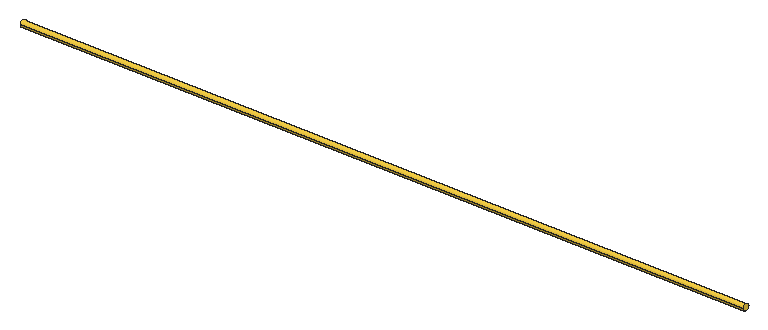
Revit family "TUBE 42-5_2053000", category Generic Models, Revit 2018
Family settings
  Can host rebar = No
  Round Connector Dimension = Use Diameter
  Part Type = Normal
  OmniClass Number = 35.51.14.00
  OmniClass Title = FORMWORK
  Work Plane-Based = Yes
  Always vertical = No
  Cut with Voids When Loaded = No
  Shared = Yes
  Room Calculation Point = No
Parameters
  VERSION = "20190101"  # constant formula
  URL = "www.ulmaconstruction.com/en"
  UNICLASS = ""
  ITEM_CODE = "2053000"
  Manufacturer = "ULMA CONSTRUCTION"  # constant formula
  FILTER [instance] = ""
  Default Elevation = 0.000 mm
  CLASSIFICATION_TITLE = ""
  CLASSIFICATION_NUMBER = ""
Reference planes
  plane 1 "Centro (Frontal/Posterior)": y = 0
  plane 2: z = 0
  plane 3 "Centro (Izquierda/Derecha)": x = 0
  plane 4 "ITEM_LENGTH": x = 5000
Forms (mm)
  Extrusion 1, solid, material "ULMA YELLOW"
    sketch origin (0, 0, 0) x (0, 1, 0) y (0, 0, 1)
      loop
        circle (0, 0) r 21
    from 0 to 5000
Lines and regions (mm)
  model lines, style "ULMA FIXING ITEMS", detail levels fine
    curve 1: circle (5000, 0, 0) r 19 normal (1, 0, 0)
    curve 2: circle (0, 0, 0) r 19 normal (1, 0, 0)
Dimensions and locks
  locked: plane 3 "Centro (Izquierda/Derecha)" to plane 4 "ITEM_LENGTH" at 5000
  aligned and locked: level to plane 2
  aligned and locked: plane 4 "ITEM_LENGTH" to Extrusion 1
